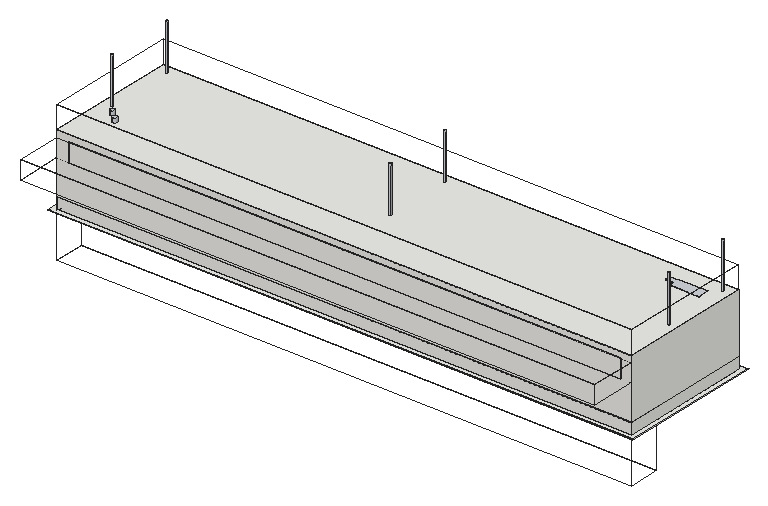
Revit family "AIRTECNICS_AIR CURTAIN_RECESSED DAM_WATER HEATED (P)123", category Equipos mecánicos, Revit 2016
Family settings
  Tipo de pieza = Normal
  Cota de conector redondo = Diámetro de uso
  Número OmniClass = 23.75.70.21.17
  Título OmniClass = Air Curtains
  Se basa en plano de trabajo = No
  Siempre vertical = Sí
  Corte con vacíos al cargar = No
  Compartido = No
  Punto de cálculo de habitación = No
Parameters (values of type "RDAM ECG 2500 P")
  · PIPES POSITION · [instance] = "-/ Select Pipes Position /-"  # constant formula
  · OTHERS · [instance] = "-/ Select Supports - Inst.Maint. Space /-"  # constant formula
  · HEATING · [instance] = "-/ Select Heating /-"  # constant formula
  Weight [instance] = size_lookup(Name_Lookup_Data, "Weight", 1.00 kg, CM, CT, CH)  # 114.00 kg
  Water Pipes_P4 [instance] = no
  Water Pipes_P3 [instance] = no
  Water Pipes_P2 (Std) [instance] = if(CW = 0, 1 = 1, 1 = 0)  # yes
  Water Pipes_P1 [instance] = no
  Water Flow Connector [instance] = size_lookup(Name_Lookup_Data, "Water Flow_connector", 3.6 m³/h, CM, CT, CH)  # 1.5 m³/h
  Water Drop Pressure [instance] = size_lookup(Name_Lookup_Data, "Water Drop Pressure", 1.0 Pa, CM, CT, CH)  # 5650.0 Pa
  Water Coil Volume [instance] = size_lookup(Name_Lookup_Data, "Water Coil Volume", 1.0 L, CM, CT, CH)  # 2.6 L
  Water Coil Rows [instance] = if(CH = 2, 4, if(CH = 4, 3, if(CH = 0, 2, 0)))  # 2
  Voltage [instance] = 230 V  # constant formula
  URL_Manufacturer = "https://www.airtecnics.com"
  URL_Datasheet = "https://www.airtecnics.com/download/file/1944/recessed-dam.pdf"
  Supports Length [instance] = 200.0 mm
  Supports (Horizontal) [instance] = yes
  Revit Version = "Revit 2016 - English"  # constant formula
  Review Date = "11/18"  # constant formula
  Remote Control = "IR-AIR"  # constant formula
  Product Size = if(CT = 2, "1000", if(CT = 4, "1500", if(CT = 8, "2000", if(CT = 16, "2500", if(CT = 32, "3000", "Consult Manufacturer")))))  # "2500"
  Product Reference [instance] = size_lookup(Name_Lookup_Ref, "", "Consult Manufacturer", CM, CT, CH)  # "RDAM ECG 2500 P86"
  Product Heating [instance] = if(CH = 2, "P54 - 50/40ºC - 4 ROWS", if(CH = 4, "P64 - 60/40ºC - 3 ROWS", if(CH = 0, "P86 - 80/60ºC - 2 ROWS", "Consult Manufacturer")))  # "P86 - 80/60ºC - 2 ROWS"
  Product Description [instance] = size_lookup(Name_Lookup_Data, "", "Consult Manufacturer", CM, CT, CH)  # "Compact and low profile recessed air curtain with full grille view.\r\nSelf-supporting casing construction made of galvanized steel plate, ready to be installed recessed in a false ceiling. \r\nInlet grille (free of maintenance) made with aluminium profiles and blow-out nozzle, integrated in a single white frame colour RAL 9016. Other colours are available on request. \r\nDouble-inlet centrifugal fans driven by an external rotor motor and low noise level. 5-speed selector. EC models assembled with very low consumption efficiency fans. \r\n“P” type with water heated coil. \r\nIncludes Plug&Play control with 7m RJ45 cable and infrared remote control. Optional: Clever control (programmable, automatic, intelligent, energy saving, Modbus RTU for BMS…)\r\nAir Volume: 5950 m3/h \r\nFans:  0,497 kW  4,34 A 230Vx1 50/60Hz\r\nHeating power: 33,63 kW (80/60ºC)\r\nDimensions: 627x310x2548 mm (depth, height, length)"
  Power Fans Factor [instance] = size_lookup(Name_Lookup_Data, "Power Fans Factor", 1, CM, CT, CH)  # 0.5
  Power Fans [instance] = size_lookup(Name_Lookup_Data, "Power Fans", 1 kW, CM, CT, CH)  # 0.497 kW
  P86 - 80/60ºC - 2 ROWS [instance] = if(CH = 0, 1 = 1, 1 = 0)  # yes
  P64 - 60/40ºC - 3 ROWS [instance] = no
  P54 - 50/40ºC - 4 ROWS [instance] = no
  P = 1 = 1  # yes
  Noise Level (dB(A)) [instance] = size_lookup(Name_Lookup_Data, "Noise Level (dB(A))", 1, CM, CT, CH)  # 64
  Name_Lookup_Ref = "R_DAM_(P)_Ref_Lookup"  # constant formula
  Name_Lookup_Data2 = "R_DAM_(P)_Mainfolds_Lookup"  # constant formula
  Name_Lookup_Data = "R_DAM_(P)_Data_Lookup"  # constant formula
  Material Curtain [instance] = AIRTECNICS_White RAL 9016
  Mainfolds [instance] = size_lookup(Name_Lookup_Data2, "", "Consult Manufacturer", CW, CH)  # "2x3/4\" F"
  M = no
  Length = L + 48.0 mm + Depth - Depth  # 2548.0 mm
  IfcExportType = "WATERHEATINGCOIL"  # constant formula
  IfcExportAs = "IfcCoilType"  # constant formula
  Height = 310.0 mm  # constant formula
  Heating Capacity [instance] = size_lookup(Name_Lookup_Data, "Heating Capacity", 1 kW, CM, CT, CH)  # 33.63 kW
  G = yes
  Frequency = 50 Hz  # constant formula
  Fans Stage = 5  # constant formula
  Family Version = "1.0"  # constant formula
  EC = yes
  Depth = 627.0 mm  # constant formula
  D_Pipping_Connector [instance] = if(CH = 2, 25 mm, 20 mm)  # 20 mm
  Current Fans [instance] = size_lookup(Name_Lookup_Data, "Current Fans", 1 A, CM, CT, CH)  # 4.34 A
  Created by = "BIMETRICAL"  # constant formula
  Control [instance] = "CW-5AW-IR"  # constant formula
  Cable = "CB7"  # constant formula
  URL = "https://www.airtecnics.com/products/air-curtain-recessed-dam"
  Modelo = "Air curtain Recessed DAM P"  # constant formula
  L = 2500.0 mm
  Imagen de tipo = <Ninguno>
  Fabricante = "AIRTECNICS"  # constant formula
  Description = ""
  Type Comments = "Compact and low profile recessed air curtain with full grille view. Self-supporting casing construction made of galvanized steel plate, ready to be installed recessed in a false ceiling.\r\nInlet grille (free of maintenance) made with aluminium profiles and blow-out nozzle, integrated in a single white frame colour RAL 9016. Other colours are available on request.\r\nDouble-inlet centrifugal fans driven by an external rotor motor and low noise level. 5-speed selector. EC models assembled with very low consumption efficiency fans.\r\n“P” type with water heated coil. “E” type with electrical shielded elements, three stages with integrated regulation. “A” type without heating, air only. Optional expansion DX coil.\r\nIncludes Plug&Play control with 7m RJ45 cable and infrared remote control. Optional: Clever control (programmable, automatic, intelligent, energy saving, Modbus RTU for BMS…)\r\n"  # constant formula
  CW [instance] = if(Water Pipes_P1, 2, 0) + if(Water Pipes_P3, 4, 0) + if(Water Pipes_P4, 8, 0)  # 0
  CT = if(L = 1000.0 mm, 2, 0) + if(L = 1500.0 mm, 4, 0) + if(L = 2000.0 mm, 8, 0) + if(L = 2500.0 mm, 16, 0) + if(L = 3000.0 mm, 32, 0)  # 16
  CM = if(M, 2, 0) + if(EC, 4, 0) + if(G, 8, 0)  # 12
  CH [instance] = if([P54 - 50/40ºC - 4 ROWS], 2, 0) + if([P64 - 60/40ºC - 3 ROWS], 4, 0)  # 0
  BIMETRICAL Category = "Coil"  # constant formula
  BIMETRICAL = "http://www.bimetrical.com/"  # constant formula
  Aspiration/Maintenance Space [instance] = yes
  Apparent Load [instance] = size_lookup(Name_Lookup_Data, "Apparent Load", 1 VA, CM, CT, CH)  # 994 VA
  Airflow [instance] = size_lookup(Name_Lookup_Data, "Airflow", 1 m³/h, CM, CT, CH)  # 5950 m³/h
Reference planes
  plane 1 "Centro (Frontal/Posterior)": z = 0
  plane 2: y = 246.57
  plane 3 "Centro (Izquierda/Derecha)": x = 0
Lines and regions (mm)
  reference lines
    curve 1: line (0, 246.57, 0) -> (0, 246.57, 130)
Dimensions and locks
  curve 1 to curve 1 = 130.0 mm
  angle plane 1 "Centro (Frontal/Posterior)" to curve 1 = 90.00°
Nested families
  nested 1: "GEOM_RECESSED DAM_(A-E-P)" at (0, 246.57, 0) x (-1, 0, 0) z (0, 0, 1), P1 <- "Water Pipes_P1", P3 <- "Water Pipes_P3", P4 <- "Water Pipes_P4", type "GEOM_RECESSED DAM_(A-E-P)"
    with VAMP4 no, VAMP1 no, P4 no, P3 no, P2 yes, P1 no, C_P 2, C_L 8, CH_4 398.5 mm, CH_3 218.8 mm, CH_2 99.5 mm, CH_1 91.2 mm, CC_4 431.5 mm, CC_3 33.0 mm, CC_2 137.5 mm, CC_1 277.2 mm, AH 90.00°, AC 90.00°, N 11, L3 240.8 mm, L2 49.5 mm, L1 2548.0 mm, L 2500.0 mm, C 238.88 mm, A1 2438.0 mm
Connectors
  electrical at (1069.129, 446.424, 311), driven by "Voltage", driven by "Apparent Load", driven by "Power Fans Factor"
    settings: on nested 1, index 1, voltage 230 V, apparent load 994 VA, apparent load phase1 0 VA, apparent load phase2 0 VA, apparent load phase3 0 VA, power factor 0.5, load classification "HVAC", number of poles 1, system type 30, power factor state 1, is connector primary yes, connector utility no, sub classification motor no, connector description ""
  piping at (-1174, 161.57, 325), diameter 20, driven by "Water Flow Connector", driven by "Water Drop Pressure", driven by "D_Pipping_Connector"
    settings: on nested 1, index 2, connector inside diameter 609.6 mm, connector length 0.0 mm, flow factor 0, pipe flow 1.5 m³/h, pressure drop 5650.0 Pa, fitting loss kfactor 0, connector angle 0.00°, fixture units 0, engagement length 0.0 mm, angle of deflection 0.00°, flow configuration 1, flow direction 1, fitting loss method 4, system type 7, joint type 0, gender type 0, connector reference index -1, connector utility 0, adjustable connector no, is connector primary yes, connector description "In"
  piping at (-1136, 128.57, 325.2), diameter 20, driven by "Water Flow Connector", driven by "D_Pipping_Connector"
    settings: on nested 1, index 3, connector inside diameter 609.6 mm, connector length 0.0 mm, flow factor 0, pipe flow 1.5 m³/h, pressure drop 0.0 Pa, fitting loss kfactor 0, connector angle 0.00°, fixture units 0, engagement length 0.0 mm, angle of deflection 0.00°, flow configuration 1, flow direction 2, fitting loss method 0, system type 8, joint type 0, gender type 0, connector reference index -1, connector utility 0, adjustable connector no, is connector primary no, connector description "Out"
Definition of nested family "GEOM_RECESSED DAM_(A-E-P)"
  Parameters (values of type "BASE")
    VSUP2 = if(and(Supports Length > 0.0 mm, L > 1000.0 mm, [Supports (Horizontal)]), 1 = 1, 1 = 0)  # yes
    VSUP1 = if(and(Supports Length > 0.0 mm, [Supports (Horizontal)]), 1 = 1, 1 = 0)  # yes
    VAMP4 [instance] = if(and(P, P4, [Aspiration/Maintenance Space]), 1 = 1, 1 = 0)  # no
    VAMP1 [instance] = if(and(P, P1, [Aspiration/Maintenance Space]), 1 = 1, 1 = 0)  # no
    Supports Length = 200.0 mm
    Supports (Horizontal) = yes
    Revit Version = "Revit 2016 - English"  # constant formula
    Review Date = "11/2018"  # constant formula
    P4 [instance] = no
    P3 [instance] = no
    P2 [instance] = not(or(P1, P3, P4))  # yes
    P1 [instance] = no
    P = yes
    Name_CH = "CH_Dimensions_Lookup"  # constant formula
    Name_CC = "CC_Dimensions_Lookup"  # constant formula
    N = if(L = 1000.0 mm, 5, if(L = 1500.0 mm, 7, if(L = 2000.0 mm, 9, 11)))  # 7
    Model = "RECESSED DAM"  # constant formula
    Material Curtain = none
    Manufacturer = "AIRTECNICS"  # constant formula
    L_sup = if(Supports Length = 0.0 mm, 1.0 mm, Supports Length)  # 200.0 mm
    L3 = if(L = 1000.0 mm, 227.0 mm, if(L = 1500.0 mm, 234.8 mm, if(L = 2000.0 mm, 238.5 mm, 240.8 mm)))  # 234.8 mm
    L2 = if(L = 1000.0 mm, 51.75 mm, if(L = 1500.0 mm, 46.75 mm, if(L = 2000.0 mm, 40.0 mm, 49.5 mm)))  # 46.75 mm
    L1 = L + 48.0 mm  # 1548.0 mm
    L = 1500.0 mm
    Family Version = "1.0"  # constant formula
    D_Con = 20.00 mm
    Created by = "BIMETRICAL"  # constant formula
    C_P [instance] = if(P1, 1, 0) + if(P2, 2, 0) + if(P3, 4, 0) + if(P4, 8, 0)  # 2
    C_L [instance] = if(L = 1500.0 mm, 2, 0) + if(L = 2000.0 mm, 4, 0) + if(L = 2500.0 mm, 8, 0)  # 2
    CH_4 [instance] = size_lookup(Name_CH, "CH_4", 398.5 mm, C_L, C_P)  # 398.5 mm
    CH_3 [instance] = size_lookup(Name_CH, "CH_3", 218.8 mm, C_L, C_P)  # 218.8 mm
    CH_2 [instance] = size_lookup(Name_CH, "CH_2", 100.5 mm, C_L, C_P)  # 99.5 mm
    CH_1 [instance] = size_lookup(Name_CH, "CH_1", 91.2 mm, C_L, C_P)  # 91.2 mm
    CC_4 [instance] = size_lookup(Name_CC, "CC_4", 431.5 mm, C_L, C_P)  # 431.5 mm
    CC_3 [instance] = size_lookup(Name_CC, "CC_3", 33.0 mm, C_L, C_P)  # 33.0 mm
    CC_2 [instance] = size_lookup(Name_CC, "CC_2", 138.5 mm, C_L, C_P)  # 137.5 mm
    CC_1 [instance] = size_lookup(Name_CC, "CC_1", 277.2 mm, C_L, C_P)  # 277.2 mm
    C = if(L = 1000.0 mm, 227.75 mm, if(L = 1500.0 mm, 235.1 mm, 238.88 mm))  # 235.1 mm
    BIMETRICAL = "http://www.bimetrical.com/"  # constant formula
    B1 = 1.5 mm
    B = 1.0 mm
    Aspiration/Maintenance Space = yes
    AH [instance] = size_lookup(Name_CH, "AH", 90.00°, C_L, C_P)  # 90.00°
    AC [instance] = size_lookup(Name_CC, "AC", 90.00°, C_L, C_P)  # 90.00°
    A1 = L - 62.0 mm  # 1438.0 mm
    A = 197.8 mm
  Reference planes
    plane 1 "Centro (Frontal/Posterior)": y = 0
    plane 2: z = 0
    plane 3 "Centro (Izquierda/Derecha)": x = 0
    plane 4: y = 313.5
    plane 5: y = -313.5
    plane 6: y = 290
    plane 7: y = -290
    plane 8: z = 310
    plane 9: z = 50
    plane 10: z = 2
    plane 11: x = -773.5
    plane 12: x = -750
    plane 13: x = 773.5
    plane 14: x = 750
    plane 15: y = -256
    plane 16: y = 41
    plane 17: x = -710
    plane 18: x = 710
    plane 19: y = 41
    plane 20: y = -256
    plane 21: y = 170
    plane 22: z = 25
    plane 23: z = 17
    plane 24: x = -707.5
    plane 25: x = -703.5
    plane 26: x = -705.5
    plane 27: x = -472.7
    plane 28: x = -468.7
    plane 29: x = -470.7
    plane 30: x = -237.9
    plane 31: x = -233.9
    plane 32: x = -235.9
    plane 33: x = -3.1
    plane 34: x = 0.9
    plane 35: x = -1.1
    plane 36: x = 231.7
    plane 37: x = 235.7
    plane 38: x = 233.7
    plane 39: x = 773.5
    plane 40: x = 636
    plane 41: x = 674
    plane 42: y = 85
    plane 43: y = 118
    plane 44: z = 277.2
    plane 45: z = 91.2
    plane 46: x = 466.5
    plane 47: x = 470.5
    plane 48: x = 468.5
    plane 49: x = 701.3
    plane 50: x = 705.3
    plane 51: x = 703.3
  Forms (mm)
    Sweep 1, solid, material <- "Material Curtain"
      path origin (0, 0, 0) x (1, 0, 0) y (0, 1, 0)
        loop
          line (-773.5, 313.5) -> (-773.5, -313.5) -> (773.5, -313.5) -> (773.5, 313.5) -> (-773.5, 313.5)
      profile origin (-773.5, 0, 0) x (-1, 0, 0) y (0, 0, 1)
        loop
          line (0, 0) -> (0, 2) -> (-22, 2) -> (-22, 50) -> (-23.5, 50) -> (-23.5, 0) -> (0, 0)
    Extrusion 2, solid, material <- "Material Curtain"
      sketch origin (0, 0, 0) x (1, 0, 0) y (0, 1, 0)
        loop
          line (-750, 290) -> (-750, -290) -> (750, -290) -> (750, 290) -> (-750, 290)
      from 50 to 310
    Extrusion 3, solid, visible <- "VSUP1"
      sketch origin (-1376.546, -1524, 310) x (-1, 0, 0) y (0, -1, 0)
        loop
          circle (-666.546, -1565) r 4
        loop
          circle (-666.546, -1268) r 4
        loop
          circle (-2086.546, -1268) r 4
        loop
          circle (-2086.546, -1565) r 4
      from -1 to 200
    Extrusion 4, solid, visible <- "VSUP2"
      sketch origin (-1376.546, -1524, 310) x (-1, 0, 0) y (0, -1, 0)
        loop
          circle (-1376.546, -1565) r 4
        loop
          circle (-1376.546, -1268) r 4
      from 0 to 200
    Extrusion 5, void
      sketch origin (-1802.24, 290, 1200) x (-1, 0, 0) y (0, 0, 1)
        loop
          line (-2505.49, -918.496) -> (-2505.49, -998.496) -> (-1802.24, -998.496) -> (-1098.99, -998.496) -> (-1098.99, -918.496) -> (-1802.24, -918.496) -> (-2505.49, -918.496)
      from 0 to -5
    Extrusion 6, solid
      sketch origin (-1802.24, 290, 1200) x (-1, 0, 0) y (0, 0, 1)
        loop
          line (-2505.49, -918.496) -> (-2505.49, -998.496) -> (-1802.24, -998.496) -> (-1098.99, -998.496) -> (-1098.99, -918.496) -> (-1802.24, -918.496) -> (-2505.49, -918.496)
      from 0 to -1
    Extrusion 7, solid, material <- "Material Curtain"
      sketch origin (500, 0, 0) x (1, 0, 0) y (0, 1, 0)
        loop
          line (-1203.5, 286.998) -> (-1207.5, 286.998) -> (-1207.5, -287.002) -> (-1203.5, -287.002) -> (-1203.5, 286.998)
      from 17 to 25
    Extrusion 8, solid, material <- "Material Curtain"
      sketch origin (734.8, 0, 0) x (1, 0, 0) y (0, 1, 0)
        loop
          line (-1203.5, 286.998) -> (-1207.5, 286.998) -> (-1207.5, -287.002) -> (-1203.5, -287.002) -> (-1203.5, 286.998)
      from 17 to 25
    Extrusion 9, solid, material <- "Material Curtain"
      sketch origin (969.6, 0, 0) x (1, 0, 0) y (0, 1, 0)
        loop
          line (-1203.5, 286.998) -> (-1207.5, 286.998) -> (-1207.5, -287.002) -> (-1203.5, -287.002) -> (-1203.5, 286.998)
      from 17 to 25
    Extrusion 10, solid, material <- "Material Curtain"
      sketch origin (1204.4, 0, 0) x (1, 0, 0) y (0, 1, 0)
        loop
          line (-1203.5, 286.998) -> (-1207.5, 286.998) -> (-1207.5, -287.002) -> (-1203.5, -287.002) -> (-1203.5, 286.998)
      from 17 to 25
    Extrusion 11, solid, material <- "Material Curtain"
      sketch origin (1439.2, 0, 0) x (1, 0, 0) y (0, 1, 0)
        loop
          line (-1203.5, 286.998) -> (-1207.5, 286.998) -> (-1207.5, -287.002) -> (-1203.5, -287.002) -> (-1203.5, 286.998)
      from 17 to 25
    Extrusion 12, solid, visible <- "P"
      sketch origin (672.923, 82.636, 310) x (0, -1, 0) y (1, 0, 0)
        loop
          circle (-2.364, 1.077) r 10
      from 0 to 15
    Extrusion 13, solid, visible <- "P"
      sketch origin (636.562, 119.477, 310.2) x (0, -1, 0) y (1, 0, 0)
        loop
          circle (1.477, -0.562) r 10
      from 0 to 15
    Extrusion 14, solid
      sketch origin (-1376.546, -1524, 310) x (-1, 0, 0) y (0, -1, 0)
        loop
          line (-830.042, -1353.296) -> (-702.542, -1353.296) -> (-702.542, -1303.996) -> (-830.042, -1303.996) -> (-830.042, -1307.996) -> (-867.042, -1307.996) -> (-867.042, -1331.296) -> (-830.042, -1331.296) -> (-830.042, -1353.296)
      from 0 to 1
    Extrusion 15, solid, visible <- "VAMP1"
      sketch origin (750, 311.264, 1200) x (0, 1, 0) y (0, 0, -1)
        loop
          line (-601.264, 890) -> (-21.264, 890) -> (-21.264, 1150) -> (-601.264, 1150) -> (-601.264, 890)
      from 0 to -100
    Extrusion 16, solid, visible <- "VAMP4"
      sketch origin (-750, 311.264, 1200) x (0, 1, 0) y (0, 0, 1)
        loop
          line (-601.264, -890) -> (-601.264, -1150) -> (-21.264, -1150) -> (-21.264, -890) -> (-601.264, -890)
      from 0 to -100
    Extrusion 17, solid, visible <- "Aspiration/Maintenance Space"
      sketch origin (-1802.24, 290, 1200) x (-1, 0, 0) y (0, 0, 1)
        loop
          line (-2552.24, -918.496) -> (-2552.24, -998.496) -> (-1052.24, -998.496) -> (-1052.24, -918.496) -> (-2552.24, -918.496)
      from 0 to 200
    Extrusion 18, solid, visible <- "Aspiration/Maintenance Space"
      sketch origin (-750, 311.264, 1200) x (0, 1, 0) y (0, 0, 1)
        loop
          line (-601.264, -890) -> (-21.264, -890) -> (-21.264, -790) -> (-601.264, -790) -> (-601.264, -890)
      from 0 to 1500
    Extrusion 19, solid, visible <- "Aspiration/Maintenance Space"
      sketch origin (750, 311.264, 1200) x (0, 1, 0) y (0, 0, -1)
        loop
          line (-21.264, 1200) -> (-21.264, 1400) -> (-157.264, 1400) -> (-157.264, 1200) -> (-21.264, 1200)
      from 0 to 1500
    Extrusion 20, solid, material <- "Material Curtain"
      sketch origin (1674, 0, 0) x (1, 0, 0) y (0, 1, 0)
        loop
          line (-1203.5, 286.998) -> (-1207.5, 286.998) -> (-1207.5, -287.002) -> (-1203.5, -287.002) -> (-1203.5, 286.998)
      from 17 to 25
    Extrusion 21, solid, material <- "Material Curtain"
      sketch origin (1908.8, 0, 0) x (1, 0, 0) y (0, 1, 0)
        loop
          line (-1203.5, 286.998) -> (-1207.5, 286.998) -> (-1207.5, -287.002) -> (-1203.5, -287.002) -> (-1203.5, 286.998)
      from 17 to 25
    Extrusion 22, solid, material <- "Material Curtain"
      sketch origin (850, 311.264, 1200) x (0, -1, 0) y (0, 0, -1)
        loop
          arc (82.767, 1195.605) -> (78.829, 1197.715) -> (74.424, 1198.456) r 13.8
          arc (74.424, 1198.456) -> (73.675, 1197.864) -> (74.325, 1197.164) r 0.65
          arc (74.325, 1197.164) -> (78.603, 1196.427) -> (82.371, 1194.27) r 12.5
          line (82.371, 1194.27) -> (97.373, 1182.759) -> (97.373, 1173.4) -> (98.673, 1173.4) -> (98.673, 1183.4) -> (82.767, 1195.605)
        loop
          arc (59.967, 1195.605) -> (56.029, 1197.715) -> (51.624, 1198.456) r 13.8
          arc (51.624, 1198.456) -> (50.875, 1197.864) -> (51.525, 1197.164) r 0.65
          arc (51.525, 1197.164) -> (55.803, 1196.427) -> (59.571, 1194.27) r 12.5
          line (59.571, 1194.27) -> (74.573, 1182.759) -> (74.573, 1173.4) -> (75.873, 1173.4) -> (75.873, 1183.4) -> (59.967, 1195.605)
        loop
          arc (151.167, 1195.605) -> (147.229, 1197.715) -> (142.824, 1198.456) r 13.8
          arc (142.824, 1198.456) -> (142.075, 1197.864) -> (142.725, 1197.164) r 0.65
          arc (142.725, 1197.164) -> (147.003, 1196.427) -> (150.771, 1194.27) r 12.5
          line (150.771, 1194.27) -> (165.773, 1182.759) -> (165.773, 1173.4) -> (167.073, 1173.4) -> (167.073, 1183.4) -> (151.167, 1195.605)
        loop
          arc (128.367, 1195.605) -> (124.429, 1197.715) -> (120.024, 1198.456) r 13.8
          arc (120.024, 1198.456) -> (119.275, 1197.864) -> (119.925, 1197.164) r 0.65
          arc (119.925, 1197.164) -> (124.203, 1196.427) -> (127.971, 1194.27) r 12.5
          line (127.971, 1194.27) -> (142.973, 1182.759) -> (142.973, 1173.4) -> (144.273, 1173.4) -> (144.273, 1183.4) -> (128.367, 1195.605)
        loop
          arc (105.567, 1195.605) -> (101.629, 1197.715) -> (97.224, 1198.456) r 13.8
          arc (97.224, 1198.456) -> (96.475, 1197.864) -> (97.125, 1197.164) r 0.65
          arc (97.125, 1197.164) -> (101.403, 1196.427) -> (105.171, 1194.27) r 12.5
          line (105.171, 1194.27) -> (120.173, 1182.759) -> (120.173, 1173.4) -> (121.473, 1173.4) -> (121.473, 1183.4) -> (105.567, 1195.605)
        loop
          arc (219.567, 1195.605) -> (215.629, 1197.715) -> (211.224, 1198.456) r 13.8
          arc (211.224, 1198.456) -> (210.475, 1197.864) -> (211.125, 1197.164) r 0.65
          arc (211.125, 1197.164) -> (215.403, 1196.427) -> (219.171, 1194.27) r 12.5
          line (219.171, 1194.27) -> (234.173, 1182.759) -> (234.173, 1173.4) -> (235.473, 1173.4) -> (235.473, 1183.4) -> (219.567, 1195.605)
        loop
          arc (196.767, 1195.605) -> (192.829, 1197.715) -> (188.424, 1198.456) r 13.8
          arc (188.424, 1198.456) -> (187.675, 1197.864) -> (188.325, 1197.164) r 0.65
          arc (188.325, 1197.164) -> (192.603, 1196.427) -> (196.371, 1194.27) r 12.5
          line (196.371, 1194.27) -> (211.373, 1182.759) -> (211.373, 1173.4) -> (212.673, 1173.4) -> (212.673, 1183.4) -> (196.767, 1195.605)
        loop
          arc (173.967, 1195.605) -> (170.029, 1197.715) -> (165.624, 1198.456) r 13.8
          arc (165.624, 1198.456) -> (164.875, 1197.864) -> (165.525, 1197.164) r 0.65
          arc (165.525, 1197.164) -> (169.803, 1196.427) -> (173.571, 1194.27) r 12.5
          line (173.571, 1194.27) -> (188.573, 1182.759) -> (188.573, 1173.4) -> (189.873, 1173.4) -> (189.873, 1183.4) -> (173.967, 1195.605)
        loop
          arc (287.967, 1195.605) -> (284.029, 1197.715) -> (279.624, 1198.456) r 13.8
          arc (279.624, 1198.456) -> (278.875, 1197.864) -> (279.525, 1197.164) r 0.65
          arc (279.525, 1197.164) -> (283.803, 1196.427) -> (287.571, 1194.27) r 12.5
          line (287.571, 1194.27) -> (302.573, 1182.759) -> (302.573, 1173.4) -> (303.873, 1173.4) -> (303.873, 1183.4) -> (287.967, 1195.605)
        loop
          arc (265.167, 1195.605) -> (261.229, 1197.715) -> (256.824, 1198.456) r 13.8
          arc (256.824, 1198.456) -> (256.075, 1197.864) -> (256.725, 1197.164) r 0.65
          arc (256.725, 1197.164) -> (261.003, 1196.427) -> (264.771, 1194.27) r 12.5
          line (264.771, 1194.27) -> (279.773, 1182.759) -> (279.773, 1173.4) -> (281.073, 1173.4) -> (281.073, 1183.4) -> (265.167, 1195.605)
        loop
          arc (242.367, 1195.605) -> (238.429, 1197.715) -> (234.024, 1198.456) r 13.8
          arc (234.024, 1198.456) -> (233.275, 1197.864) -> (233.925, 1197.164) r 0.65
          arc (233.925, 1197.164) -> (238.203, 1196.427) -> (241.971, 1194.27) r 12.5
          line (241.971, 1194.27) -> (256.973, 1182.759) -> (256.973, 1173.4) -> (258.273, 1173.4) -> (258.273, 1183.4) -> (242.367, 1195.605)
        loop
          arc (356.367, 1195.605) -> (352.429, 1197.715) -> (348.024, 1198.456) r 13.8
          arc (348.024, 1198.456) -> (347.275, 1197.864) -> (347.925, 1197.164) r 0.65
          arc (347.925, 1197.164) -> (352.203, 1196.427) -> (355.971, 1194.27) r 12.5
          line (355.971, 1194.27) -> (370.973, 1182.759) -> (370.973, 1173.4) -> (372.273, 1173.4) -> (372.273, 1183.4) -> (356.367, 1195.605)
        loop
          arc (333.567, 1195.605) -> (329.629, 1197.715) -> (325.224, 1198.456) r 13.8
          arc (325.224, 1198.456) -> (324.475, 1197.864) -> (325.125, 1197.164) r 0.65
          arc (325.125, 1197.164) -> (329.403, 1196.427) -> (333.171, 1194.27) r 12.5
          line (333.171, 1194.27) -> (348.173, 1182.759) -> (348.173, 1173.4) -> (349.473, 1173.4) -> (349.473, 1183.4) -> (333.567, 1195.605)
        loop
          arc (310.767, 1195.605) -> (306.829, 1197.715) -> (302.424, 1198.456) r 13.8
          arc (302.424, 1198.456) -> (301.675, 1197.864) -> (302.325, 1197.164) r 0.65
          arc (302.325, 1197.164) -> (306.603, 1196.427) -> (310.371, 1194.27) r 12.5
          line (310.371, 1194.27) -> (325.373, 1182.759) -> (325.373, 1173.4) -> (326.673, 1173.4) -> (326.673, 1183.4) -> (310.767, 1195.605)
        loop
          arc (424.767, 1195.605) -> (420.829, 1197.715) -> (416.424, 1198.456) r 13.8
          arc (416.424, 1198.456) -> (415.675, 1197.864) -> (416.325, 1197.164) r 0.65
          arc (416.325, 1197.164) -> (420.603, 1196.427) -> (424.371, 1194.27) r 12.5
          line (424.371, 1194.27) -> (439.373, 1182.759) -> (439.373, 1173.4) -> (440.673, 1173.4) -> (440.673, 1183.4) -> (424.767, 1195.605)
        loop
          arc (401.967, 1195.605) -> (398.029, 1197.715) -> (393.624, 1198.456) r 13.8
          arc (393.624, 1198.456) -> (392.875, 1197.864) -> (393.525, 1197.164) r 0.65
          arc (393.525, 1197.164) -> (397.803, 1196.427) -> (401.571, 1194.27) r 12.5
          line (401.571, 1194.27) -> (416.573, 1182.759) -> (416.573, 1173.4) -> (417.873, 1173.4) -> (417.873, 1183.4) -> (401.967, 1195.605)
        loop
          arc (379.167, 1195.605) -> (375.229, 1197.715) -> (370.824, 1198.456) r 13.8
          arc (370.824, 1198.456) -> (370.075, 1197.864) -> (370.725, 1197.164) r 0.65
          arc (370.725, 1197.164) -> (375.003, 1196.427) -> (378.771, 1194.27) r 12.5
          line (378.771, 1194.27) -> (393.773, 1182.759) -> (393.773, 1173.4) -> (395.073, 1173.4) -> (395.073, 1183.4) -> (379.167, 1195.605)
        loop
          arc (447.567, 1195.605) -> (443.629, 1197.715) -> (439.224, 1198.456) r 13.8
          arc (439.224, 1198.456) -> (438.475, 1197.864) -> (439.125, 1197.164) r 0.65
          arc (439.125, 1197.164) -> (443.403, 1196.427) -> (447.171, 1194.27) r 12.5
          line (447.171, 1194.27) -> (462.173, 1182.759) -> (462.173, 1173.4) -> (463.473, 1173.4) -> (463.473, 1183.4) -> (447.567, 1195.605)
        loop
          arc (493.167, 1195.605) -> (489.229, 1197.715) -> (484.824, 1198.456) r 13.8
          arc (484.824, 1198.456) -> (484.075, 1197.864) -> (484.725, 1197.164) r 0.65
          arc (484.725, 1197.164) -> (489.003, 1196.427) -> (492.771, 1194.27) r 12.5
          line (492.771, 1194.27) -> (507.773, 1182.759) -> (507.773, 1173.4) -> (509.073, 1173.4) -> (509.073, 1153) -> (512.073, 1153) -> (512.073, 1198.4) -> (509.073, 1198.4) -> (509.073, 1183.4) -> (493.167, 1195.605)
        loop
          arc (470.367, 1195.605) -> (466.429, 1197.715) -> (462.024, 1198.456) r 13.8
          arc (462.024, 1198.456) -> (461.275, 1197.864) -> (461.925, 1197.164) r 0.65
          arc (461.925, 1197.164) -> (466.203, 1196.427) -> (469.971, 1194.27) r 12.5
          line (469.971, 1194.27) -> (484.973, 1182.759) -> (484.973, 1173.4) -> (486.273, 1173.4) -> (486.273, 1183.4) -> (470.367, 1195.605)
        loop
          arc (37.167, 1195.605) -> (33.229, 1197.715) -> (28.824, 1198.456) r 13.8
          arc (28.824, 1198.456) -> (28.075, 1197.864) -> (28.725, 1197.164) r 0.65
          arc (28.725, 1197.164) -> (33.003, 1196.427) -> (36.771, 1194.27) r 12.5
          line (36.771, 1194.27) -> (51.773, 1182.759) -> (51.773, 1173.4) -> (53.073, 1173.4) -> (53.073, 1183.4) -> (37.167, 1195.605)
        loop
          line (523.813, 1198.4) -> (523.813, 1173.4) -> (526.813, 1173.4) -> (526.813, 1198.4) -> (523.813, 1198.4)
        loop
          line (538.553, 1198.4) -> (538.553, 1173.4) -> (541.553, 1173.4) -> (541.553, 1198.4) -> (538.553, 1198.4)
        loop
          line (553.293, 1198.4) -> (553.293, 1173.4) -> (556.293, 1173.4) -> (556.293, 1198.4) -> (553.293, 1198.4)
        loop
          line (568.033, 1198.4) -> (568.033, 1182.616) -> (568.033, 1175.384) -> (568.033, 1173.4) -> (571.033, 1173.4) -> (571.033, 1174.75) -> (571.033, 1183.25) -> (571.033, 1198.4) -> (568.033, 1198.4)
        loop
          line (582.768, 1198.4) -> (582.768, 1175) -> (582.768, 1153) -> (585.768, 1153) -> (585.768, 1175) -> (585.768, 1198.4) -> (582.768, 1198.4)
      from -1600 to -100
  Cuts and joins
    Extrusion 5 cuts Extrusion 2
  Lines and regions (mm)
    symbolic lines
      curve 1: line (-773.5, 313.5, 310) -> (773.5, 313.5, 310)
      curve 2: line (-773.5, -313.5, 310) -> (-773.5, 313.5, 310)
      curve 3: line (773.5, -313.5, 310) -> (-773.5, -313.5, 310)
      curve 4: line (773.5, 313.5, 310) -> (773.5, -313.5, 310)
      curve 5: line (750, -290, 310) -> (-750, -290, 310)
      curve 6: line (750, 290, 310) -> (750, -290, 310)
      curve 7: line (-750, 290, 310) -> (750, 290, 310)
      curve 8: line (-750, -290, 310) -> (-750, 290, 310)
    reference lines
      curve 9: line (636, 118, 277.2) -> (636, 118, 310.2)
      curve 10: line (674, 85, 91.2) -> (674, 85, 310)
    symbolic lines, visible <- "VAMP4"
      curve 11: line (-750, -290, 310) -> (-850, -290, 310)
      curve 12: line (-850, -290, 310) -> (-850, 290, 310)
      curve 13: line (-850, 290, 310) -> (-750, 290, 310)
      curve 23: line (-750, 0, 50) -> (-850, 0, 50)
      curve 24: line (-850, 0, 50) -> (-850, 0, 310)
      curve 25: line (-850, 0, 310) -> (-750, 0, 310)
    symbolic lines, visible <- "VAMP1"
      curve 14: line (750, 290, 310) -> (850, 290, 310)
      curve 15: line (850, 290, 310) -> (850, -290, 310)
      curve 16: line (850, -290, 310) -> (750, -290, 310)
      curve 20: line (750, 0, 310) -> (850, 0, 310)
      curve 21: line (850, 0, 310) -> (850, 0, 50)
      curve 22: line (850, 0, 50) -> (750, 0, 50)
    symbolic lines, visible <- "Aspiration/Maintenance Space"
      curve 17: line (-750, 290, 310) -> (-750, 490, 310)
      curve 18: line (-750, 490, 310) -> (750, 490, 310)
      curve 19: line (750, 490, 310) -> (750, 290, 310)
      curve 26: line (-750, 0, 0) -> (-750, 0, -200)
      curve 27: line (-750, 0, -200) -> (750, 0, -200)
      curve 28: line (750, 0, -200) -> (750, 0, 0)
      curve 29: line (-750, 0, 310) -> (-750, 0, 410)
      curve 30: line (-750, 0, 410) -> (750, 0, 410)
      curve 31: line (750, 0, 410) -> (750, 0, 310)
      curve 32: line (750, 289, 281.504) -> (750, 490, 281.504)
      curve 33: line (750, 490, 281.504) -> (750, 490, 201.504)
      curve 34: line (750, 490, 201.504) -> (750, 290, 201.504)
      curve 35: line (750, 290, 310) -> (750, 290, 410)
      curve 36: line (750, 290, 410) -> (750, -290, 410)
      curve 37: line (750, -290, 410) -> (750, -290, 310)
      curve 38: line (750, 290, 0) -> (750, 290, -200)
      curve 39: line (750, 290, -200) -> (750, 154, -200)
      curve 40: line (750, 154, -200) -> (750, 154, 0)
    symbolic lines, visible <- "VSUP1"
      curve 41: circle (-710, 41, 310) r 4 normal (0, 0, 1)
      curve 42: circle (-710, -256, 310) r 4 normal (0, 0, 1)
      curve 43: circle (710, -256, 310) r 4 normal (0, 0, 1)
      curve 44: circle (710, 41, 310) r 4 normal (0, 0, 1)
    symbolic lines, visible <- "VSUP2"
      curve 45: circle (0, 41, 310) r 4 normal (0, 0, 1)
      curve 46: circle (0, -256, 310) r 4 normal (0, 0, 1)
  Dimensions and locks
    locked: plane 4 to plane 6 at 23.5
    locked: plane 5 to plane 7 at 23.5
    locked: plane 11 to plane 12 at 23.5
    locked: plane 13 to plane 14 at 23.5
    equal spacing: plane 12, plane 3 "Centro (Izquierda/Derecha)", plane 14
    "L": plane 12 to plane 14
    equal spacing: plane 4, plane 1 "Centro (Frontal/Posterior)", plane 5
    locked: plane 5 to plane 4 at 627
    locked: plane 9 to level at 50
    locked: plane 8 to level at 310
    locked: plane 7 to plane 15 at 34
    locked: plane 16 to plane 15 at 297
    locked: plane 12 to plane 17 at 40
    locked: plane 18 to plane 14 at 40
    locked: plane 20 to plane 7 at 34
    locked: plane 19 to plane 20 at 297
    "Supports Length": Extrusion 3 to plane 8
    "Supports Length": Extrusion 4 to plane 8
    plane 8 to plane 9 = 260.0 mm
    plane 4 to plane 5 = 627.0 mm
    locked: plane 6 to plane 21 at 120
    "L2": Extrusion 5 sketch curve to plane 14
    Extrusion 5 sketch curve to plane 8 = 28.496 mm
    plane 4 to plane 1 "Centro (Frontal/Posterior)" to plane 5 = 313.5 mm, 313.5 mm
    locked: Extrusion 5 sketch curve to Extrusion 5 sketch curve at 80
    locked: plane 9 to Extrusion 6 sketch curve at 151.504
    locked: Extrusion 6 sketch curve to plane 8 at 28.496
    Extrusion 6 sketch curve to Extrusion 6 sketch curve = 80.0 mm
    equal spacing: plane 24, plane 26, plane 25
    locked: plane 12 to plane 26 at 44.5
    equal spacing: plane 27, plane 29, plane 28
    equal spacing: group 1, group 2, group 3, group 4, group 5, group 6, group 7  (x3)
    equal spacing: plane 30, plane 32, plane 31
    "L3": plane 26 to plane 29
    equal spacing: plane 33, plane 35, plane 34
    equal spacing: plane 36, plane 38, plane 37
    locked: plane 14 to plane 39 at 23.5
    "CH_2": plane 41 to plane 39
    "CC_2": plane 40 to plane 39
    "CC_4": plane 5 to plane 43
    "CH_4": plane 5 to plane 42
    "CH_1": level to plane 45
    "CC_1": level to plane 44
    "CC_3": curve 9 to curve 9
    "CH_3": curve 10 to curve 10
    Sweep 1 to Extrusion 14 sketch curve to Extrusion 14 sketch curve to Extrusion 14 sketch curve = 99.496 mm locked, 127.5 mm locked, 37.0 mm locked
    locked: Extrusion 18 sketch curve to Extrusion 18 sketch curve at 100
    locked: Extrusion 19 sketch curve to Extrusion 19 sketch curve at 136
    locked: level to Extrusion 19 sketch curve at 200
    equal spacing: Extrusion 5 sketch curve, plane 3 "Centro (Izquierda/Derecha)", Extrusion 5 sketch curve
    equal spacing: Extrusion 6 sketch curve, plane 3 "Centro (Izquierda/Derecha)", Extrusion 6 sketch curve
    "L2": Extrusion 6 sketch curve to plane 14
    equal spacing: plane 46, plane 48, plane 47
    equal spacing: plane 49, plane 51, plane 50
    plane 6 to plane 5 = 603.5 mm
    "D_Con": diameter of Extrusion 12 sketch curve
    "D_Con": diameter of Extrusion 13 sketch curve
    "AC": angle plane 44 to curve 9
    "AH": angle plane 45 to curve 10
    aligned and locked: level to plane 2
    aligned and locked: Sweep 1 sketch curve to plane 4
    aligned and locked: plane 11 to Sweep 1 sketch curve
    aligned and locked: Sweep 1 sketch curve to plane 5
    aligned and locked: Sweep 1 sketch curve to plane 13
    aligned and locked: Extrusion 2 sketch curve to plane 6
    aligned and locked: plane 12 to Extrusion 2 sketch curve
    aligned and locked: Extrusion 2 sketch curve to plane 7
    aligned and locked: plane 14 to Extrusion 2 sketch curve
    aligned and locked: Extrusion 2 to plane 9
    aligned and locked: plane 17 to Extrusion 3 sketch curve  (x2)
    aligned and locked: plane 18 to Extrusion 3 sketch curve  (x2)
    aligned and locked: Extrusion 3 sketch curve to plane 16
    aligned and locked: Extrusion 3 sketch curve to plane 15
    aligned and locked: plane 15 to Extrusion 3 sketch curve
    aligned and locked: plane 16 to Extrusion 3 sketch curve
    aligned and locked: plane 3 "Centro (Izquierda/Derecha)" to Extrusion 4 sketch curve  (x2)
    aligned and locked: plane 20 to Extrusion 4 sketch curve
    aligned and locked: plane 19 to Extrusion 4 sketch curve
    aligned and locked: plane 12 to Sweep 1 sketch curve
    aligned and locked: curve 5 to Sweep 1
    aligned and locked: curve 6 to Sweep 1
    aligned and locked: curve 7 to Sweep 1
    aligned and locked: curve 8 to Sweep 1
    aligned and locked: curve 1 to plane 4
    aligned and locked: Extrusion 7 to plane 22
    aligned and locked: plane 23 to Extrusion 7
    aligned and locked: plane 24 to Extrusion 7
    aligned and locked: plane 25 to Extrusion 7
    aligned and locked: plane 27 to Extrusion 8
    aligned and locked: plane 28 to Extrusion 8
    aligned and locked: plane 30 to Extrusion 9
    aligned and locked: plane 31 to Extrusion 9
    aligned and locked: plane 33 to Extrusion 10
    aligned and locked: plane 34 to Extrusion 10
    aligned and locked: plane 36 to Extrusion 11
    aligned and locked: plane 37 to Extrusion 11
    aligned and locked: plane 44 to curve 9
    aligned and locked: plane 40 to curve 9
    aligned and locked: plane 45 to curve 10
    aligned and locked: plane 41 to curve 10
    aligned and locked: Extrusion 15 sketch curve to cut or joined group of Extrusion 2, Extrusion 5  (x3)
    aligned and locked: Extrusion 15 sketch curve to Sweep 1
    aligned and locked: curve 12 to Extrusion 16
    aligned and locked: curve 15 to Extrusion 15
    aligned and locked: plane 12 to Extrusion 17 sketch curve
    aligned and locked: plane 14 to Extrusion 17 sketch curve
    aligned and locked: Extrusion 17 sketch curve to Extrusion 6  (x2)
    aligned and locked: plane 7 to Extrusion 18 sketch curve
    aligned and locked: plane 6 to Extrusion 18 sketch curve
    aligned and locked: Extrusion 18 to plane 14
    aligned and locked: Extrusion 19 to plane 12
    aligned and locked: curve 19 to Extrusion 17
    aligned and locked: curve 17 to Extrusion 17
    aligned and locked: curve 24 to Extrusion 16
    aligned and locked: curve 21 to Extrusion 15
    aligned and locked: Extrusion 19 to plane 14
    aligned and locked: curve 26 to plane 12
    aligned and locked: Extrusion 17 to curve 33
    aligned and locked: curve 35 to Extrusion 18
    aligned and locked: curve 37 to Extrusion 18
    aligned and locked: curve 41 to Extrusion 3
    aligned and locked: curve 42 to Extrusion 3
    aligned and locked: curve 43 to Extrusion 3
    aligned and locked: curve 44 to Extrusion 3
    aligned and locked: curve 45 to Extrusion 4
    aligned and locked: curve 46 to Extrusion 4
    aligned and locked: plane 46 to Extrusion 20
    aligned and locked: plane 47 to Extrusion 20
    aligned and locked: plane 49 to Extrusion 21
    aligned and locked: plane 50 to Extrusion 21
    aligned and locked: Extrusion 22 to plane 14
    aligned and locked: Extrusion 22 to plane 12
    aligned and locked: curve 32 to Extrusion 17
    aligned and locked: curve 34 to Extrusion 17
  Automatic sketch dimensions
    Extrusion 7 sketch curve to Extrusion 7 sketch curve = 4.0 mm
    Extrusion 7 sketch curve to plane 24 = 0.0 mm
    Extrusion 7 sketch curve to Extrusion 7 sketch curve = 574.0 mm
    Extrusion 8 sketch curve to Extrusion 8 sketch curve = 4.0 mm
    Extrusion 8 sketch curve to plane 27 = 0.0 mm
    Extrusion 8 sketch curve to Extrusion 8 sketch curve = 574.0 mm
    Extrusion 9 sketch curve to Extrusion 9 sketch curve = 4.0 mm
    Extrusion 9 sketch curve to plane 30 = 0.0 mm
    Extrusion 9 sketch curve to Extrusion 9 sketch curve = 574.0 mm
    Extrusion 10 sketch curve to Extrusion 10 sketch curve = 4.0 mm
    Extrusion 10 sketch curve to plane 33 = 0.0 mm
    Extrusion 10 sketch curve to Extrusion 10 sketch curve = 574.0 mm
    Extrusion 11 sketch curve to Extrusion 11 sketch curve = 4.0 mm
    Extrusion 11 sketch curve to plane 36 = 0.0 mm
    Extrusion 11 sketch curve to Extrusion 11 sketch curve = 574.0 mm
    Extrusion 18 sketch curve to plane 8 = 0.0 mm
    curve 30 to plane 12 = 0.0 mm
    curve 23 to plane 9 = 0.0 mm
    curve 23 to plane 12 = 0.0 mm
    plane 14 to curve 30 = 0.0 mm
    plane 14 to curve 27 = 0.0 mm
    curve 22 to plane 9 = 0.0 mm
    plane 14 to curve 22 = 0.0 mm
    curve 26 to level = 0.0 mm
    curve 28 to level = 0.0 mm
    curve 25 to plane 8 = 0.0 mm
    curve 20 to plane 8 = 0.0 mm
    curve 26 to level = 200.0 mm
    curve 20 to curve 30 = 100.0 mm
    Sweep 1 sketch curve to profile plane = 0.0 mm
    Sweep 1 sketch curve to level = 0.0 mm
    Sweep 1 sketch curve to Sweep 1 sketch curve = 1.5 mm
    level to Sweep 1 sketch curve = 2.0 mm
    Sweep 1 sketch curve to Sweep 1 sketch curve = 48.0 mm
    plane 5 to curve 3 = 0.0 mm
    curve 3 to plane 13 = 0.0 mm
    curve 2 to plane 11 = 0.0 mm
    plane 4 to curve 17 = 176.5 mm
    Extrusion 14 sketch curve to Extrusion 14 sketch curve = 0.0 mm
    Extrusion 14 sketch curve to plane 7 = 119.296 mm
    Extrusion 14 sketch curve to Extrusion 14 sketch curve = 22.0 mm
    Extrusion 14 sketch curve to Extrusion 14 sketch curve = 23.3 mm
    Extrusion 14 sketch curve to Extrusion 14 sketch curve = 49.3 mm
    Extrusion 16 sketch curve to plane 7 = 0.0 mm
    Extrusion 16 sketch curve to plane 6 = 0.0 mm
    Extrusion 16 sketch curve to plane 9 = 0.0 mm
    Extrusion 16 sketch curve to plane 8 = 0.0 mm
    Extrusion 19 sketch curve to level = 0.0 mm
    Extrusion 19 sketch curve to plane 6 = 0.0 mm
    curve 40 to level = 0.0 mm
    curve 34 to plane 6 = 0.0 mm
    curve 39 to plane 6 = 0.0 mm
    curve 38 to level = 0.0 mm
    curve 35 to plane 8 = 0.0 mm
    curve 37 to plane 8 = 0.0 mm
    plane 21 to curve 39 = 16.0 mm
    level to curve 40 = 200.0 mm
    curve 35 to curve 35 = 100.0 mm
    plane 6 to curve 32 = 1.0 mm
    Extrusion 20 sketch curve to Extrusion 20 sketch curve = 4.0 mm
    Extrusion 20 sketch curve to plane 46 = 0.0 mm
    Extrusion 20 sketch curve to Extrusion 20 sketch curve = 574.0 mm
    Extrusion 21 sketch curve to Extrusion 21 sketch curve = 4.0 mm
    Extrusion 21 sketch curve to plane 49 = 0.0 mm
    Extrusion 21 sketch curve to Extrusion 21 sketch curve = 574.0 mm
    Extrusion 22 sketch curve to Extrusion 15 = 15.496 mm
    Extrusion 22 sketch curve to Extrusion 22 sketch curve = 3.0 mm  (x7)
    Extrusion 22 sketch curve to Extrusion 22 sketch curve = 11.735 mm
    Extrusion 22 sketch curve to Extrusion 22 sketch curve = 11.74 mm  (x4)
    Extrusion 15 to Extrusion 22 sketch curve = 3.0 mm  (x2)
    Extrusion 22 sketch curve to Extrusion 22 sketch curve = 1.3 mm  (x21)
    Extrusion 15 to Extrusion 22 sketch curve = 45.605 mm  (x17)
    Extrusion 22 sketch curve to Extrusion 22 sketch curve = 15.906 mm
    Extrusion 15 to Extrusion 22 sketch curve = 44.27 mm  (x17)
    Extrusion 22 sketch curve to Extrusion 22 sketch curve = 0.397 mm  (x21)
    Extrusion 15 to Extrusion 22 sketch curve = 33.4 mm  (x5)
    Extrusion 22 sketch curve to Extrusion 22 sketch curve = 6.498 mm  (x12)
    Extrusion 15 to Extrusion 22 sketch curve = 32.759 mm  (x6)
    Extrusion 22 sketch curve to Extrusion 22 sketch curve = 0.201 mm  (x20)
    Extrusion 22 sketch curve to Extrusion 22 sketch curve = 0.006 mm  (x21)
    Extrusion 22 sketch curve to Extrusion 22 sketch curve = 8.444 mm  (x20)
    Extrusion 22 sketch curve to Extrusion 22 sketch curve = 14.356 mm  (x20)
    Extrusion 22 sketch curve to Extrusion 22 sketch curve = 21.5 mm  (x8)
    Extrusion 22 sketch curve to Extrusion 15 = 7.508 mm
    Extrusion 22 sketch curve to Extrusion 15 = 7.459 mm
    Extrusion 22 sketch curve to Extrusion 22 sketch curve = 2.209 mm  (x21)
    Extrusion 15 to Extrusion 22 sketch curve = 47.814 mm
    Extrusion 22 sketch curve to Extrusion 22 sketch curve = 3.544 mm
    Extrusion 22 sketch curve to Extrusion 22 sketch curve = 0.0 mm  (x8)
    Extrusion 15 to Extrusion 22 sketch curve = 48.4 mm
    Extrusion 22 sketch curve to Extrusion 22 sketch curve = 2.795 mm
    Extrusion 22 sketch curve to Extrusion 22 sketch curve = 1.334 mm  (x4)
    Extrusion 22 sketch curve to Extrusion 22 sketch curve = 1.906 mm  (x6)
    Extrusion 22 sketch curve to Extrusion 22 sketch curve = 9.606 mm  (x12)
    Extrusion 22 sketch curve to Extrusion 22 sketch curve = 1.264 mm  (x3)
    Extrusion 22 sketch curve to Extrusion 22 sketch curve = 0.008 mm  (x21)
    Extrusion 22 sketch curve to Extrusion 22 sketch curve = 1.257 mm  (x11)
    Extrusion 22 sketch curve to Extrusion 22 sketch curve = 0.641 mm  (x19)
    Extrusion 22 sketch curve to Extrusion 22 sketch curve = 15.0 mm
    Extrusion 22 sketch curve to Extrusion 22 sketch curve = 15.15 mm
    Extrusion 22 sketch curve to Extrusion 22 sketch curve = 0.634 mm  (x2)
    Extrusion 22 sketch curve to Extrusion 22 sketch curve = 7.231 mm
    Extrusion 22 sketch curve to Extrusion 22 sketch curve = 8.25 mm
    Extrusion 22 sketch curve to Extrusion 22 sketch curve = 9.359 mm  (x21)
    Extrusion 15 to Extrusion 22 sketch curve = 23.4 mm
    Extrusion 22 sketch curve to Extrusion 22 sketch curve = 1.984 mm
    Extrusion 22 sketch curve to Extrusion 22 sketch curve = 1.35 mm
    Extrusion 22 sketch curve to Extrusion 22 sketch curve = 0.101 mm  (x21)
    Extrusion 5 sketch curve to plane 3 "Centro (Izquierda/Derecha)" = 0.0 mm  (x2)
    Extrusion 6 sketch curve to plane 3 "Centro (Izquierda/Derecha)" = 0.0 mm  (x2)
    Extrusion 12 sketch curve to plane 41 = 0.0 mm
    plane 42 to Extrusion 12 sketch curve = 0.0 mm
    Extrusion 13 sketch curve to plane 40 = 0.0 mm
    plane 43 to Extrusion 13 sketch curve = 0.0 mm
    radius of Extrusion 3 sketch curve = 4.0 mm  (x4)
    radius of Extrusion 4 sketch curve = 4.0 mm  (x2)
Types (16, lengths in mm): name | Weight | Water Flow Connector | Water Drop Pressure | Water Coil Volume | Product Size | Product Reference | Product Description | Power Fans Factor | Power Fans | Noise Level (dB(A)) | M | Length | Heating Capacity | G | EC | Current Fans | L | CT | CM | Apparent Load | Airflow
  RDAM ECG 2500 P | 114.00 kg | 1.5 m³/h | 5650.0 Pa | 2.6 L | "2500" | "RDAM ECG 2500 P86" | "Compact and low profile recessed air curtain with full grille view.\r\nSelf-supporting casing construction made of galvanized steel plate, ready to be installed recessed in a false ceiling. \r\nInlet grille (free of maintenance) made with aluminium profiles and blow-out nozzle, integrated in a single white frame colour RAL 9016. Other colours are available on request. \r\nDouble-inlet centrifugal fans driven by an external rotor motor and low noise level. 5-speed selector. EC models assembled with very low consumption efficiency fans. \r\n“P” type with water heated coil. \r\nIncludes Plug&Play control with 7m RJ45 cable and infrared remote control. Optional: Clever control (programmable, automatic, intelligent, energy saving, Modbus RTU for BMS…)\r\nAir Volume: 5950 m3/h \r\nFans:  0,497 kW  4,34 A 230Vx1 50/60Hz\r\nHeating power: 33,63 kW (80/60ºC)\r\nDimensions: 627x310x2548 mm (depth, height, length)" | 0.5 | 0.497 kW | 64 | no | 2548.0 | 33.63 kW | yes | yes | 4.34 A | 2500.0 | 16 | 12 | 994 VA | 5950 m³/h
  RDAM ECG 2000 P | 105.00 kg | 1.2 m³/h | 3080.0 Pa | 2.1 L | "2000" | "RDAM ECG 2000 P86" | "Compact and low profile recessed air curtain with full grille view.\r\nSelf-supporting casing construction made of galvanized steel plate, ready to be installed recessed in a false ceiling. \r\nInlet grille (free of maintenance) made with aluminium profiles and blow-out nozzle, integrated in a single white frame colour RAL 9016. Other colours are available on request. \r\nDouble-inlet centrifugal fans driven by an external rotor motor and low noise level. 5-speed selector. EC models assembled with very low consumption efficiency fans. \r\n“P” type with water heated coil. \r\nIncludes Plug&Play control with 7m RJ45 cable and infrared remote control. Optional: Clever control (programmable, automatic, intelligent, energy saving, Modbus RTU for BMS…)\r\nAir Volume: 5100 m3/h \r\nFans:  0,426 kW  3,72 A 230Vx1 50/60Hz\r\nHeating power: 26,86 kW (80/60ºC)\r\nDimensions: 627x310x2048 mm (depth, height, length)" | 0.5 | 0.426 kW | 63 | no | 2048.0 | 26.86 kW | yes | yes | 3.72 A | 2000.0 | 8 | 12 | 852 VA | 5100 m³/h
  RDAM ECG 1500 P | 80.00 kg | 0.8 m³/h | 1070.0 Pa | 1.5 L | "1500" | "RDAM ECG 1500 P86" | "Compact and low profile recessed air curtain with full grille view.\r\nSelf-supporting casing construction made of galvanized steel plate, ready to be installed recessed in a false ceiling. \r\nInlet grille (free of maintenance) made with aluminium profiles and blow-out nozzle, integrated in a single white frame colour RAL 9016. Other colours are available on request. \r\nDouble-inlet centrifugal fans driven by an external rotor motor and low noise level. 5-speed selector. EC models assembled with very low consumption efficiency fans. \r\n“P” type with water heated coil. \r\nIncludes Plug&Play control with 7m RJ45 cable and infrared remote control. Optional: Clever control (programmable, automatic, intelligent, energy saving, Modbus RTU for BMS…)\r\nAir Volume: 3400 m3/h \r\nFans:  0,284 kW  2,48 A 230Vx1 50/60Hz\r\nHeating power: 17,29 kW (80/60ºC)\r\nDimensions: 627x310x1548 mm (depth, height, length)" | 0.5 | 0.284 kW | 62 | no | 1548.0 | 17.29 kW | yes | yes | 2.48 A | 1500.0 | 4 | 12 | 568 VA | 3400 m³/h
  RDAM ECG 1000 P | 55.00 kg | 0.5 m³/h | 1400.0 Pa | 0.9 L | "1000" | "RDAM ECG 1000 P86" | "Compact and low profile recessed air curtain with full grille view.\r\nSelf-supporting casing construction made of galvanized steel plate, ready to be installed recessed in a false ceiling. \r\nInlet grille (free of maintenance) made with aluminium profiles and blow-out nozzle, integrated in a single white frame colour RAL 9016. Other colours are available on request. \r\nDouble-inlet centrifugal fans driven by an external rotor motor and low noise level. 5-speed selector. EC models assembled with very low consumption efficiency fans. \r\n“P” type with water heated coil. \r\nIncludes Plug&Play control with 7m RJ45 cable and infrared remote control. Optional: Clever control (programmable, automatic, intelligent, energy saving, Modbus RTU for BMS…)\r\nAir Volume: 2550 m3/h \r\nFans:  0,213 kW  1,86 A 230Vx1 50/60Hz\r\nHeating power: 11,89 kW (80/60ºC)\r\nDimensions: 627x310x1048 mm (depth, height, length)" | 0.5 | 0.213 kW | 61 | no | 1048.0 | 11.89 kW | yes | yes | 1.86 A | 1000.0 | 2 | 12 | 426 VA | 2550 m³/h
  RDAM G 2500 P | 114.00 kg | 1.4 m³/h | 4930.0 Pa | 2.6 L | "2500" | "RDAM G 2500 P86" | "Compact and low profile recessed air curtain with full grille view.\r\nSelf-supporting casing construction made of galvanized steel plate, ready to be installed recessed in a false ceiling. \r\nInlet grille (free of maintenance) made with aluminium profiles and blow-out nozzle, integrated in a single white frame colour RAL 9016. Other colours are available on request. \r\nDouble-inlet centrifugal fans driven by an external rotor motor and low noise level. 5-speed selector. \r\n“P” type with water heated coil. \r\nIncludes Plug&Play control with 7m RJ45 cable and infrared remote control. Optional: Clever control (programmable, automatic, intelligent, energy saving, Modbus RTU for BMS…)\r\nAir Volume: 5250 m3/h \r\nFans:  1,498 kW  6,65 A 230Vx1 50Hz\r\nHeating power: 31,16 kW (80/60ºC)\r\nDimensions: 627x310x2548 mm (depth, height, length)" | 0.98 | 1.498 kW | 60 | no | 2548.0 | 31.16 kW | yes | no | 6.65 A | 2500.0 | 16 | 8 | 1529 VA | 5250 m³/h
  RDAM G 2000 P | 105.00 kg | 1.1 m³/h | 2700.0 Pa | 2.1 L | "2000" | "RDAM G 2000 P86" | "Compact and low profile recessed air curtain with full grille view.\r\nSelf-supporting casing construction made of galvanized steel plate, ready to be installed recessed in a false ceiling. \r\nInlet grille (free of maintenance) made with aluminium profiles and blow-out nozzle, integrated in a single white frame colour RAL 9016. Other colours are available on request. \r\nDouble-inlet centrifugal fans driven by an external rotor motor and low noise level. 5-speed selector. \r\n“P” type with water heated coil. \r\nIncludes Plug&Play control with 7m RJ45 cable and infrared remote control. Optional: Clever control (programmable, automatic, intelligent, energy saving, Modbus RTU for BMS…)\r\nAir Volume: 4500 m3/h \r\nFans:  1,284 kW  5,7 A 230Vx1 50Hz\r\nHeating power: 24,92 kW (80/60ºC)\r\nDimensions: 627x310x2048 mm (depth, height, length)" | 0.98 | 1.284 kW | 59 | no | 2048.0 | 24.92 kW | yes | no | 5.7 A | 2000.0 | 8 | 8 | 1310 VA | 4500 m³/h
  RDAM G 1500 P | 80.00 kg | 0.7 m³/h | 940.0 Pa | 1.5 L | "1500" | "RDAM G 1500 P86" | "Compact and low profile recessed air curtain with full grille view.\r\nSelf-supporting casing construction made of galvanized steel plate, ready to be installed recessed in a false ceiling. \r\nInlet grille (free of maintenance) made with aluminium profiles and blow-out nozzle, integrated in a single white frame colour RAL 9016. Other colours are available on request. \r\nDouble-inlet centrifugal fans driven by an external rotor motor and low noise level. 5-speed selector. \r\n“P” type with water heated coil. \r\nIncludes Plug&Play control with 7m RJ45 cable and infrared remote control. Optional: Clever control (programmable, automatic, intelligent, energy saving, Modbus RTU for BMS…)\r\nAir Volume: 3000 m3/h \r\nFans:  0,856 kW  3,8 A 230Vx1 50Hz\r\nHeating power: 16,02 kW (80/60ºC)\r\nDimensions: 627x310x1548 mm (depth, height, length)" | 0.98 | 0.856 kW | 58 | no | 1548.0 | 16.02 kW | yes | no | 3.8 A | 1500.0 | 4 | 8 | 873 VA | 3000 m³/h
  RDAM G 1000 P | 55.00 kg | 0.5 m³/h | 1230.0 Pa | 0.9 L | "1000" | "RDAM G 1000 P86" | "Compact and low profile recessed air curtain with full grille view.\r\nSelf-supporting casing construction made of galvanized steel plate, ready to be installed recessed in a false ceiling. \r\nInlet grille (free of maintenance) made with aluminium profiles and blow-out nozzle, integrated in a single white frame colour RAL 9016. Other colours are available on request. \r\nDouble-inlet centrifugal fans driven by an external rotor motor and low noise level. 5-speed selector. \r\n“P” type with water heated coil. \r\nIncludes Plug&Play control with 7m RJ45 cable and infrared remote control. Optional: Clever control (programmable, automatic, intelligent, energy saving, Modbus RTU for BMS…)\r\nAir Volume: 2250 m3/h \r\nFans:  0,642 kW  2,85 A 230Vx1 50Hz\r\nHeating power: 11,04 kW (80/60ºC)\r\nDimensions: 627x310x1048 mm (depth, height, length)" | 0.98 | 0.642 kW | 57 | no | 1048.0 | 11.04 kW | yes | no | 2.85 A | 1000.0 | 2 | 8 | 655 VA | 2250 m³/h
  RDAM ECM 2500 P | 106.00 kg | 1.2 m³/h | 3960.0 Pa | 2.6 L | "2500" | "RDAM ECM 2500 P86" | "Compact and low profile recessed air curtain with full grille view.\r\nSelf-supporting casing construction made of galvanized steel plate, ready to be installed recessed in a false ceiling. \r\nInlet grille (free of maintenance) made with aluminium profiles and blow-out nozzle, integrated in a single white frame colour RAL 9016. Other colours are available on request. \r\nDouble-inlet centrifugal fans driven by an external rotor motor and low noise level. 5-speed selector. EC models assembled with very low consumption efficiency fans. \r\n“P” type with water heated coil. \r\nIncludes Plug&Play control with 7m RJ45 cable and infrared remote control. Optional: Clever control (programmable, automatic, intelligent, energy saving, Modbus RTU for BMS…)\r\nAir Volume: 4300 m3/h \r\nFans:  0,355 kW  3,1 A 230Vx1 50/60Hz\r\nHeating power: 27,53 kW (80/60ºC)\r\nDimensions: 627x310x2548 mm (depth, height, length)" | 0.98 | 0.355 kW | 59 | yes | 2548.0 | 27.53 kW | no | yes | 3.1 A | 2500.0 | 16 | 6 | 710 VA | 4300 m³/h
  RDAM ECM 2000 P | 95.00 kg | 0.9 m³/h | 2010.0 Pa | 2.1 L | "2000" | "RDAM ECM 2000 P86" | "Compact and low profile recessed air curtain with full grille view.\r\nSelf-supporting casing construction made of galvanized steel plate, ready to be installed recessed in a false ceiling. \r\nInlet grille (free of maintenance) made with aluminium profiles and blow-out nozzle, integrated in a single white frame colour RAL 9016. Other colours are available on request. \r\nDouble-inlet centrifugal fans driven by an external rotor motor and low noise level. 5-speed selector. EC models assembled with very low consumption efficiency fans. \r\n“P” type with water heated coil. \r\nIncludes Plug&Play control with 7m RJ45 cable and infrared remote control. Optional: Clever control (programmable, automatic, intelligent, energy saving, Modbus RTU for BMS…)\r\nAir Volume: 3440 m3/h \r\nFans:  0,284 kW  2,48 A 230Vx1 50/60Hz\r\nHeating power: 21,12 kW (80/60ºC)\r\nDimensions: 627x310x2048 mm (depth, height, length)" | 0.98 | 0.284 kW | 58 | yes | 2048.0 | 21.12 kW | no | yes | 2.48 A | 2000.0 | 8 | 6 | 568 VA | 3440 m³/h
  RDAM ECM 1500 P | 74.00 kg | 0.6 m³/h | 790.0 Pa | 1.5 L | "1500" | "RDAM ECM 1500 P86" | "Compact and low profile recessed air curtain with full grille view.\r\nSelf-supporting casing construction made of galvanized steel plate, ready to be installed recessed in a false ceiling. \r\nInlet grille (free of maintenance) made with aluminium profiles and blow-out nozzle, integrated in a single white frame colour RAL 9016. Other colours are available on request. \r\nDouble-inlet centrifugal fans driven by an external rotor motor and low noise level. 5-speed selector. EC models assembled with very low consumption efficiency fans. \r\n“P” type with water heated coil. \r\nIncludes Plug&Play control with 7m RJ45 cable and infrared remote control. Optional: Clever control (programmable, automatic, intelligent, energy saving, Modbus RTU for BMS…)\r\nAir Volume: 2580 m3/h \r\nFans:  0,213 kW  1,86 A 230Vx1 50/60Hz\r\nHeating power: 14,58 kW (80/60ºC)\r\nDimensions: 627x310x1548 mm (depth, height, length)" | 0.98 | 0.213 kW | 57 | yes | 1548.0 | 14.58 kW | no | yes | 1.86 A | 1500.0 | 4 | 6 | 426 VA | 2580 m³/h
  RDAM ECM 1000 P | 50.00 kg | 0.4 m³/h | 920.0 Pa | 0.9 L | "1000" | "RDAM ECM 1000 P86" | "Compact and low profile recessed air curtain with full grille view.\r\nSelf-supporting casing construction made of galvanized steel plate, ready to be installed recessed in a false ceiling. \r\nInlet grille (free of maintenance) made with aluminium profiles and blow-out nozzle, integrated in a single white frame colour RAL 9016. Other colours are available on request. \r\nDouble-inlet centrifugal fans driven by an external rotor motor and low noise level. 5-speed selector. EC models assembled with very low consumption efficiency fans. \r\n“P” type with water heated coil. \r\nIncludes Plug&Play control with 7m RJ45 cable and infrared remote control. Optional: Clever control (programmable, automatic, intelligent, energy saving, Modbus RTU for BMS…)\r\nAir Volume: 1720 m3/h \r\nFans:  0,142 kW  1,24 A 230Vx1 50/60Hz\r\nHeating power: 9,38 kW (80/60ºC)\r\nDimensions: 627x310x1048 mm (depth, height, length)" | 0.98 | 0.142 kW | 56 | yes | 1048.0 | 9.38 kW | no | yes | 1.24 A | 1000.0 | 2 | 6 | 284 VA | 1720 m³/h
